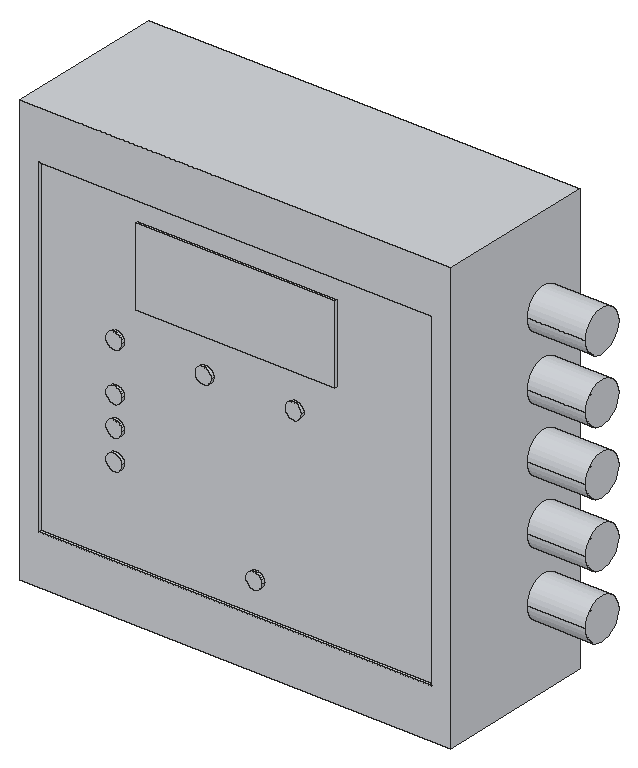
Revit family "МТС-D_18.01.22", category Оборудование, Revit 2020
Family settings
  Размер круглого соединителя = Использовать диаметр
  Классификация = Нет
  Тип детали = Нормальный
  На основе рабочей плоскости = Нет
  Всегда вертикально = Да
  При загрузке вырезать с полостями = Нет
  Общий = Нет
  Точка расчета площади = Нет
Parameters (values of type "МТС-D")
  Электропитание 2 [instance] = "=11÷28,5В (≤2,5Вт)"
  Электропитание 1 [instance] = "=11÷28,5В (≤2,5Вт)"
  Фирма-изготовитель [instance] = "Плазма-Т"
  Степень защиты оболочки [instance] = "IP65"
  Средний срок службы [instance] = "не менее 10 лет"
  Световая сигнализация_Шлейф [instance] = "3"
  Световая сигнализация_Работа [instance] = "+"
  Световая сигнализация_Звук отключен [instance] = "+"
  Световая сигнализация_Авария [instance] = "+"
  Световая сигнализация_RS-485 [instance] = "+"
  Программирование с клавиатуры [instance] = "+"
  Отметка по умолчанию = 0 mm
  Общее описание [instance] = "Аналоговый модуль контроля термокабеля МТС-D. Модуль МТС-D – это модуль обработки, в совокупности с чувствительными элементами (термокабелями) является извещателем пожарным тепловым линейным. Модуль МТС-D предназначен для контроля состояния чувствительных элементов (термокабелей), индикации расстояния в метрах до места сработки термокабеля и выдачи сигналов об их состоянии в линию связи."
  Ширина = 160 mm
  Масса [instance] = "не более 0,5 кг"
  Контроль вскрытия [instance] = "+"
  Количество подключаемых модулей преобразователя [instance] = "до 3-х"
  Климатическое исполнение [instance] = "УХЛ 3.1."
  Интерфейс МТС_Электропитание преобразователей [instance] = "10 В"
  Интерфейс МТС_Топология [instance] = "точка-точка"
  Интерфейс МТС_Сопротивление линии [instance] = "не более 150 Ом"
  Интерфейс МТС_Скорость передачи данных [instance] = "2400 бит/сек"
  Интерфейс МТС_Контроль исправности [instance] = "обрыв, КЗ"
  Интерфейс RS-485_Скорость обмена [instance] = "9600 бит/сек"
  Интерфейс RS-485_Макс. кол-во в сети [instance] = "32"
  Допустимая относительная влажность [instance] = "до 93% при 40°C"
  Диапазон рабочих температур [instance] = "от -20 до +55°C"
  Выходы Пожар (Max =30 В/1,0 А или 125 В/0,5 А), «сухой перекидной контакт» [instance] = "3"
  Выход на внешний звуковой оповещатель (Uspk = Uпит, I ≤ 1.0 А) [instance] = "контроль на обрыв/КЗ"
  Выход Авария (Max =30 В/1,0 А или 125 В/0,5 А), «сухой перекидной контакт» [instance] = "1"
  Вход контроля UPS [instance] = "+"
  Встроенный OLED дисплей [instance] = "+"
  Встроенная звуковая сигнализация [instance] = "+"
  Глубина = 60 mm
  Высота = 160 mm
Reference planes
  plane 1 "По центру (Вперед/Назад)": y = 0
  plane 2: z = 0
  plane 3 "По центру (Влево/Вправо)": x = 0
  plane 4: x = 160
  plane 5: y = -60
  plane 6: z = 160
  plane 7: y = -17
  plane 8: x = 34.9
  plane 9: z = 91.9
  plane 10: x = 80
  plane 11: z = 32
  plane 12: z = 56
  plane 13: z = 80
  plane 14: z = 104
  plane 15: z = 128
  plane 16: z = 51.4
  plane 17: z = 62.6
  plane 18: z = 73.8
  plane 19: x = 68.2
  plane 20: x = 101.6
  plane 21: z = 30.2
  plane 22: x = 87
Forms (mm)
  Extrusion 1, solid
    sketch origin (0, 0, 0) x (1, 0, 0) y (0, 1, 0)
      loop
        line (0, 0) -> (0, -60) -> (160, -60) -> (160, 0) -> (0, 0)
    from 0 to 160
  Extrusion 2, void
    sketch origin (160, -60, 0) x (1, 0, 0) y (0, 0, -1)
      loop
        line (-153, -141.5) -> (-7, -141.5) -> (-7, -18.5) -> (-153, -18.5) -> (-153, -141.5)
    from 0 to 1
  Extrusion 3, solid
    sketch origin (0, -60, 0) x (0, 1, 0) y (0, 0, -1)
      loop
        circle (43, -32) r 7.6
      loop
        circle (43, -56) r 7.6
      loop
        circle (43, -80) r 7.6
      loop
        circle (43, -104) r 7.6
      loop
        circle (43, -128) r 7.6
    from 0 to 22
  Extrusion 4, solid
    sketch origin (160, -59, 0) x (-1, 0, 0) y (0, 0, -1)
      loop
        circle (125.1, -51.4) r 3
      loop
        circle (125.1, -62.6) r 3
      loop
        circle (125.1, -73.8) r 3
      loop
        circle (125.1, -91.9) r 3
      loop
        circle (91.8, -91.9) r 3
      loop
        circle (58.4, -91.9) r 3
      loop
        circle (73, -30.2) r 3
    from 0 to 1
  Extrusion 5, solid
    sketch origin (160, -59, 0) x (-1, 0, 0) y (0, 0, -1)
      loop
        line (117, -134) -> (117, -105) -> (43, -105) -> (43, -134) -> (117, -134)
    from 0 to 1
  Extrusion 6, solid
    sketch origin (160, 0, 0) x (0, -1, 0) y (0, 0, -1)
      loop
        circle (17, -128) r 7.6
      loop
        circle (17, -104) r 7.6
      loop
        circle (17, -80) r 7.6
      loop
        circle (17, -56) r 7.6
      loop
        circle (17, -32) r 7.6
    from 0 to 22
Cuts and joins
  Extrusion 2 cuts Extrusion 1
Dimensions and locks
  "Глубина": plane 1 "По центру (Вперед/Назад)" to plane 5
  "Высота": plane 6 to level
  locked: Extrusion 2 sketch curve to plane 4 at 7
  locked: plane 6 to Extrusion 2 sketch curve at 18.5
  locked: Extrusion 2 sketch curve to plane 3 "По центру (Влево/Вправо)" at 7
  locked: Extrusion 2 sketch curve to level at 18.5
  locked: cut or joined group of Extrusion 1, Extrusion 2 to plane 8 at 27.9
  locked: cut or joined group of Extrusion 1, Extrusion 2 to plane 9 at 49.6
  locked: plane 1 "По центру (Вперед/Назад)" to plane 7 at 17
  locked: Extrusion 5 sketch curve to Extrusion 5 sketch curve at 74
  locked: Extrusion 5 sketch curve to Extrusion 5 sketch curve at 29
  locked: cut or joined group of Extrusion 1, Extrusion 2 to plane 10 at 73
  locked: plane 10 to Extrusion 5 sketch curve at 37
  "Ширина": plane 4 to plane 3 "По центру (Влево/Вправо)"
  locked: plane 11 to level at 32
  locked: plane 12 to level at 56
  locked: plane 13 to level at 80
  locked: plane 14 to level at 104
  locked: plane 15 to level at 128
  locked: cut or joined group of Extrusion 1, Extrusion 2 to plane 18 at 67.7
  locked: cut or joined group of Extrusion 1, Extrusion 2 to plane 17 at 78.9
  locked: cut or joined group of Extrusion 1, Extrusion 2 to plane 16 at 90.1
  locked: cut or joined group of Extrusion 1, Extrusion 2 to plane 19 at 61.2
  locked: cut or joined group of Extrusion 1, Extrusion 2 to plane 20 at 94.6
  locked: cut or joined group of Extrusion 1, Extrusion 2 to plane 22 at 80
  locked: cut or joined group of Extrusion 1, Extrusion 2 to plane 21 at 111.3
  locked: cut or joined group of Extrusion 1, Extrusion 2 to Extrusion 5 sketch curve at 7.5
  diameter of Extrusion 3 sketch curve = 15.2 mm
  diameter of Extrusion 4 sketch curve = 6 mm
  aligned and locked: level to plane 2
  aligned and locked: plane 3 "По центру (Влево/Вправо)" to Extrusion 1 sketch curve
  aligned and locked: plane 1 "По центру (Вперед/Назад)" to Extrusion 1 sketch curve
  aligned and locked: Extrusion 1 sketch curve to plane 4
  aligned and locked: plane 5 to Extrusion 1 sketch curve
  aligned and locked: plane 6 to Extrusion 1
  aligned and locked: plane 11 to Extrusion 3 sketch curve
  aligned and locked: plane 7 to Extrusion 3 sketch curve  (x5)
  aligned and locked: plane 12 to Extrusion 3 sketch curve
  aligned and locked: plane 13 to Extrusion 3 sketch curve
  aligned and locked: plane 14 to Extrusion 3 sketch curve
  aligned and locked: plane 15 to Extrusion 3 sketch curve
  aligned and locked: Extrusion 6 sketch curve to Extrusion 3  (x10)
  aligned and locked: plane 8 to Extrusion 4 sketch curve  (x4)
  aligned and locked: plane 16 to Extrusion 4 sketch curve
  aligned and locked: plane 17 to Extrusion 4 sketch curve
  aligned and locked: plane 18 to Extrusion 4 sketch curve
  aligned and locked: plane 9 to Extrusion 4 sketch curve  (x3)
  aligned and locked: plane 19 to Extrusion 4 sketch curve
  aligned and locked: plane 20 to Extrusion 4 sketch curve
  aligned and locked: plane 21 to Extrusion 4 sketch curve
  aligned and locked: plane 22 to Extrusion 4 sketch curve
Automatic sketch dimensions
  Extrusion 6 sketch curve to Extrusion 6 sketch curve = 0 mm  (x10)
  radius of Extrusion 3 sketch curve = 7.6 mm  (x4)
  radius of Extrusion 4 sketch curve = 3 mm  (x6)
Connectors
  electrical at (-22, -17, 128)
    settings: on Extrusion 3, index 1, voltage 0 V, apparent load 0 VA, apparent load phase1 0 VA, apparent load phase2 0 VA, apparent load phase3 0 VA, power factor 1, load classification "Электропитание", number of poles 1, system type 9, power factor state 1, is connector primary yes, connector utility no, sub classification motor no, connector description "RS-485"
  electrical at (-22, -17, 104)
    settings: on Extrusion 3, index 2, voltage 24 V, apparent load 0 VA, apparent load phase1 0 VA, apparent load phase2 0 VA, apparent load phase3 0 VA, power factor 1, load classification "Электропитание", number of poles 1, system type 30, power factor state 1, is connector primary no, connector utility no, sub classification motor no, connector description "12-24V"
  electrical at (-22, -17, 80)
    settings: on Extrusion 3, index 3, voltage 24 V, apparent load 0 VA, apparent load phase1 0 VA, apparent load phase2 0 VA, apparent load phase3 0 VA, power factor 1, load classification "Электропитание", number of poles 1, system type 30, power factor state 1, is connector primary no, connector utility no, sub classification motor no, connector description "12-24V"
  electrical at (-22, -17, 56)
    settings: on Extrusion 3, index 4, voltage 0 V, apparent load 0 VA, apparent load phase1 0 VA, apparent load phase2 0 VA, apparent load phase3 0 VA, power factor 1, load classification "Вход", number of poles 1, system type 11, power factor state 1, is connector primary no, connector utility no, sub classification motor no, connector description "Шлейф термокабеля"
  electrical at (-22, -17, 32)
    settings: on Extrusion 3, index 5, voltage 0 V, apparent load 0 VA, apparent load phase1 0 VA, apparent load phase2 0 VA, apparent load phase3 0 VA, power factor 1, load classification "Вход", number of poles 1, system type 11, power factor state 1, is connector primary no, connector utility no, sub classification motor no, connector description "Шлейф термокабеля"
  electrical at (182, -17, 128)
    settings: on Extrusion 6, index 6, voltage 0 V, apparent load 0 VA, apparent load phase1 0 VA, apparent load phase2 0 VA, apparent load phase3 0 VA, power factor 1, load classification "Вход", number of poles 1, system type 11, power factor state 1, is connector primary no, connector utility no, sub classification motor no, connector description "Вход MTCL"
  electrical at (182, -17, 104)
    settings: on Extrusion 6, index 7, voltage 0 V, apparent load 0 VA, apparent load phase1 0 VA, apparent load phase2 0 VA, apparent load phase3 0 VA, power factor 1, load classification "Выход", number of poles 1, system type 11, power factor state 1, is connector primary no, connector utility no, sub classification motor no, connector description "Вход MTCL"
  electrical at (182, -17, 80)
    settings: on Extrusion 6, index 8, voltage 0 V, apparent load 0 VA, apparent load phase1 0 VA, apparent load phase2 0 VA, apparent load phase3 0 VA, power factor 1, load classification "Выход", number of poles 1, system type 11, power factor state 1, is connector primary no, connector utility no, sub classification motor no, connector description "UPS"
  electrical at (182, -17, 56)
    settings: on Extrusion 6, index 9, voltage 0 V, apparent load 0 VA, apparent load phase1 0 VA, apparent load phase2 0 VA, apparent load phase3 0 VA, power factor 1, load classification "Выход", number of poles 1, system type 11, power factor state 1, is connector primary no, connector utility no, sub classification motor no, connector description "Пожар"
  electrical at (182, -17, 32)
    settings: on Extrusion 6, index 10, voltage 0 V, apparent load 0 VA, apparent load phase1 0 VA, apparent load phase2 0 VA, apparent load phase3 0 VA, power factor 1, load classification "Выход", number of poles 1, system type 11, power factor state 1, is connector primary no, connector utility no, sub classification motor no, connector description "Пожар"
  electrical at (0, -30, 80)
    settings: on cut or joined group of Extrusion 1, Extrusion 2, index 11, voltage 0 V, apparent load 0 VA, apparent load phase1 0 VA, apparent load phase2 0 VA, apparent load phase3 0 VA, power factor 1, load classification "Прочее", number of poles 1, system type 11, power factor state 1, is connector primary no, connector utility no, sub classification motor no, connector description "Вход MTCL"
  electrical at (160, -30, 80)
    settings: on cut or joined group of Extrusion 1, Extrusion 2, index 12, voltage 0 V, apparent load 0 VA, apparent load phase1 0 VA, apparent load phase2 0 VA, apparent load phase3 0 VA, power factor 1, load classification "Прочее", number of poles 1, system type 11, power factor state 1, is connector primary no, connector utility no, sub classification motor no, connector description "12-24В"
  electrical at (160, -17, 32)
    settings: on Extrusion 6, index 13, voltage 0 V, apparent load 0 VA, apparent load phase1 0 VA, apparent load phase2 0 VA, apparent load phase3 0 VA, power factor 1, load classification "Прочее", number of poles 1, system type 11, power factor state 1, is connector primary no, connector utility no, sub classification motor no, connector description "Авария"
  electrical at (160, -17, 56)
    settings: on Extrusion 6, index 14, voltage 0 V, apparent load 0 VA, apparent load phase1 0 VA, apparent load phase2 0 VA, apparent load phase3 0 VA, power factor 1, load classification "Прочее", number of poles 1, system type 9, power factor state 1, is connector primary no, connector utility no, sub classification motor no, connector description "Пожар"
  electrical at (0, -17, 32)
    settings: on Extrusion 3, index 15, voltage 0 V, apparent load 0 VA, apparent load phase1 0 VA, apparent load phase2 0 VA, apparent load phase3 0 VA, power factor 1, load classification "Прочее", number of poles 1, system type 11, power factor state 1, is connector primary no, connector utility no, sub classification motor no, connector description "Шлейф термокабеля"
